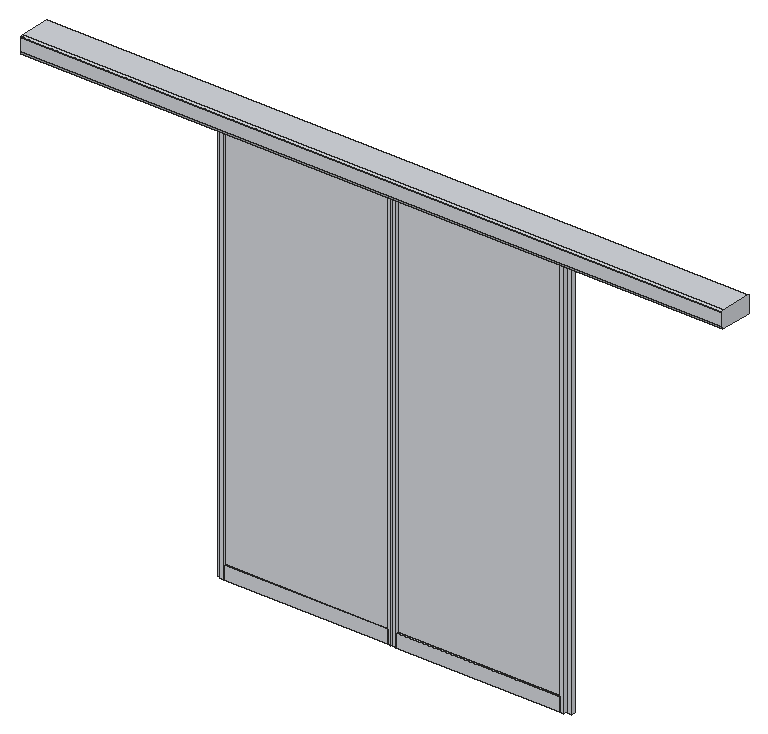
Revit family "SL510 Slim_SlimECO 2-Flg. – Sturzmontage", category Türen, Revit 2018
Family settings
  Basisbauteil = Wand
  OmniClass-Nummer = 23.30.10.00
  OmniClass-Titel = Doors
  Immer vertikal = Ja
  Beim Laden mit Abzugskörper schneiden = Nein
  Gemeinsam genutzt = Nein
  Raumberechnungspunkt = Nein
Parameters
  ohne Schutzflügel [instance] = if(or([Schutzflügel - drehbar], [Schutzflügel - drehbar + Bodenschloß], [Schutzflügel - schiebbar]), 1 = 0, 1 = 1)  # yes
  X [instance] = if(or([Schutzflügel - drehbar], [Schutzflügel - drehbar + Bodenschloß], [Schutzflügel - schiebbar]), 25 mm, 200 mm)  # 200 mm
  Warnung Abmessungen 2 [instance] = if(Durchgangslichte Höhe < 1900 mm, 1 = 1, if(Durchgangslichte Höhe > 3000 mm, 1 = 1, 1 = 0))  # no
  Warnung Abmessungen 1 [instance] = if(Durchgangslichte Breite < 975 mm, 1 = 1, if(Durchgangslichte Breite > 3000 mm, 1 = 1, 1 = 0))  # no
  Wandaufbau Pfeilseite [instance] = 0 mm
  Wandaufbau Gegenseite [instance] = 0 mm
  Schutzflügel - schiebbar [instance] = no
  Schutzflügel - drehbar + Bodenschloß [instance] = no
  Schutzflügel - drehbar [instance] = no
  Rough Height [instance] = Höhe ab FBOK + Fußbodenaufbau  # 2700 mm
  Rough Width [instance] = Width  # 2000 mm
  Rahmen [instance] = none
  PSFW [instance] = COW / 2 + 95 mm  # 1095 mm
  PSFH [instance] = COH  # 2500 mm
  Kollisionskörper = no
  IFC_Widerstandsklasse = " "  # constant formula
  IFC_Selbstschliessend [instance] = 1 = 0  # no
  IFC_Schallschutzklasse = 0  # constant formula
  IFC_Rauchschutz [instance] = 1 = 0  # no
  IFC_Notausgang [instance] = no
  IFC_Luftdurchlässigkeit = 0  # constant formula
  IFC_Glasflächenanteil = 0  # constant formula
  IFC_Behindertengerecht [instance] = no
  IFC_Beanspruchungsklasse = " "  # constant formula
  IFC_Antrieb [instance] = 1 = 1  # yes
  Höhe ab FBOK berechnen = yes
  Höhe ab FBOK [instance] = COH  # 2500 mm
  Height [instance] = if(Höhe ab FBOK berechnen, Höhe ab FBOK, Rough Height)  # 2500 mm
  Glasstärke = 8 mm
  Glas [instance] = none
  Fußbodenaufbau [instance] = 200 mm
  Freiraum [instance] = COW + ((DW + X) * 2)  # 4453 mm
  Familienversion = "1.0"  # constant formula
  Durchgangslichte Höhe [instance] = 2500 mm
  Durchgangslichte Breite [instance] = 2000 mm
  DW [instance] = COW / 2 + 26.5 mm  # 1026.5 mm
  DH [instance] = COH + 10 mm  # 2510 mm
  Wandabschluss = Nach Basisbauteil
  COW [instance] = if(Durchgangslichte Breite < 975 mm, 975 mm, if(Durchgangslichte Breite > 3000 mm, 3000 mm, Durchgangslichte Breite))  # 2000 mm
  COH [instance] = if(Durchgangslichte Höhe < 1900 mm, 1900 mm, if(Durchgangslichte Höhe > 3000 mm, 3000 mm, Durchgangslichte Höhe))  # 2500 mm
  CL [instance] = 2 * COW + 195 mm  # 4195 mm
  CH [instance] = DH + 8 mm  # 2518 mm
  Width [instance] = COW  # 2000 mm
  Antrieb [instance] = none
Reference planes
  plane 1: y = 0
  plane 2 "Mitte (Links/rechts)": x = 0
  plane 3 "Links": x = -1000
  plane 4 "Rechts": x = 1000
  plane 5: z = 2500
  plane 6 "außen": y = 75
  plane 7 "Innen": y = -75
  plane 8 "D CL": y = -107.5
  plane 9 "D Links": x = -1030
  plane 10: z = 8
  plane 11 "D Rechts": x = 1030
  plane 12 "Wandaufbau Innen": y = -75
  plane 13 "Wandaufbau Außen": y = 75
  plane 14: x = 2226.5
  plane 15: x = -2226.5
  plane 16: x = -2026.5
  plane 17: x = 2026.5
  plane 18 "Basis": z = 0
  plane 19 "OK RD": z = -200
  plane 20: x = 3.5
  plane 21: x = -3.5
Forms (mm)
  Sweep 1, solid, material <- "Rahmen", detail levels medium+fine
    path origin (0, -75, 0) x (1, 0, 0) y (0, 0, 1)
      loop
        line (-1000, 0) -> (-1000, 2500)
    profile "Rahmen_2 : Rahmen_2" origin (-1000, -75, 1250) x (-1, 0, 0) y (0, -1, 0)
      loop
        line (0, 18) -> (0, 0) -> (57.5, 0) -> (57.5, 18) -> (0, 18)
  Sweep 2, solid, material <- "Rahmen", detail levels medium+fine
    path origin (0, -75, 0) x (1, 0, 0) y (0, 0, 1)
      loop
        line (1000, 0) -> (1000, 2500)
    profile "Rahmen_2 : Rahmen_2" origin (1000, -75, 1250) x (-1, 0, 0) y (0, -1, 0)
      loop
        line (0, 18) -> (-57.5, 18) -> (-57.5, 0) -> (0, 0) -> (0, 18)
Lines and regions (mm)
  Opening 1
    outline origin (-5000, -75, 0) x (1, 0, 0) y (0, 0, 1)
      loop
        line (4000, 2500) -> (4000, -200) -> (6000, -200) -> (6000, 2500) -> (4000, 2500)
  symbolic lines, style "DoorsHiddenLines", detail levels medium+fine
    curve 1: line (-1000, -75, 0) -> (1000, -75, 0)
    curve 2: line (1000, 75, 0) -> (-1000, 75, 0)
  symbolic lines, style "DoorsHiddenLines"
    curve 3: line (1030, -117.5, 0) -> (2026.5, -117.5, 0)
    curve 4: line (2026.5, -97.5, 0) -> (1030, -97.5, 0)
    curve 5: line (2026.5, -117.5, 0) -> (2026.5, -97.5, 0)
    curve 6: line (-1030, -117.5, 0) -> (-2026.5, -117.5, 0)
    curve 7: line (-2026.5, -97.5, 0) -> (-1030, -97.5, 0)
    curve 8: line (-2026.5, -117.5, 0) -> (-2026.5, -97.5, 0)
    curve 9: line (-2226.5, -122.5, 0) -> (-2226.5, -92.5, 0)
    curve 10: line (2226.5, -122.5, 0) -> (2226.5, -92.5, 0)
Text (mm)
  text "Exterior" at (-2295.016, 1099.543, 0), in view "Ref.-Ebene"
  text "Exterior" at (0, 1615.38, 3698.081), in view "Links"
  text "Exterior" at (0, 1036.032, 3874.932), in view "Rechts"
Dimensions and locks
  equal spacing: plane 3 "Links", plane 2 "Mitte (Links/rechts)", plane 4 "Rechts"
  "Width": plane 3 "Links" to plane 4 "Rechts"
  "Höhe ab FBOK": level to plane 5
  locked: plane 6 "außen" to host wall at 0
  locked: plane 7 "Innen" to host wall
  locked: plane 12 "Wandaufbau Innen" to plane 8 "D CL" at 32.5
  locked: plane 9 "D Links" to plane 3 "Links" at 30
  locked: plane 4 "Rechts" to plane 11 "D Rechts" at 30
  "Wandaufbau Pfeilseite": plane 12 "Wandaufbau Innen" to plane 7 "Innen"
  "Wandaufbau Gegenseite": plane 13 "Wandaufbau Außen" to plane 6 "außen"
  "X": plane 15 to plane 16
  "DW": plane 16 to plane 3 "Links"
  "DW": plane 4 "Rechts" to plane 17
  "X": plane 17 to plane 14
  "Fußbodenaufbau": level to plane 19 "OK RD"
  nested 6 to nested 2 = 500 mm
  aligned and locked: plane 1 to host wall
  aligned and locked: Sweep 1 sketch curve to plane 3 "Links"
  aligned and locked: level to Sweep 1 sketch curve
  aligned and locked: plane 5 to Opening 1 sketch curve
  aligned and locked: plane 4 "Rechts" to Opening 1 sketch curve
  aligned and locked: Opening 1 sketch curve to plane 3 "Links"
  aligned and locked: Sweep 2 sketch curve to plane 4 "Rechts"
  aligned and locked: level to Sweep 2 sketch curve
  aligned and locked: nested 1 to plane 8 "D CL"
  aligned and locked: plane 8 "D CL" to nested 2
  aligned and locked: plane 5 to Sweep 2 sketch curve
  aligned and locked: plane 5 to Sweep 1 sketch curve
  aligned and locked: nested 1 to plane 11 "D Rechts"
  aligned and locked: nested 2 to plane 9 "D Links"
  aligned and locked: plane 13 "Wandaufbau Außen" to curve 2
  aligned and locked: plane 12 "Wandaufbau Innen" to curve 1
  aligned and locked: plane 3 "Links" to curve 2
  aligned and locked: plane 4 "Rechts" to curve 1
  aligned and locked: plane 3 "Links" to curve 1
  aligned and locked: plane 4 "Rechts" to nested 3
  aligned and locked: plane 12 "Wandaufbau Innen" to nested 3
  aligned and locked: plane 16 to curve 8
  aligned and locked: plane 17 to curve 5
  aligned and locked: curve 9 to plane 15
  aligned and locked: curve 10 to plane 14
  aligned and locked: nested 4 to plane 12 "Wandaufbau Innen"
  aligned and locked: plane 3 "Links" to nested 4
  aligned and locked: level to plane 18 "Basis"
  aligned and locked: plane 19 "OK RD" to Opening 1 sketch curve
  aligned and locked: plane 11 "D Rechts" to curve 3
  aligned and locked: plane 11 "D Rechts" to curve 4
  aligned and locked: plane 9 "D Links" to curve 6
  aligned and locked: plane 9 "D Links" to curve 7
  aligned and locked: nested 6 to plane 8 "D CL"
  aligned and locked: plane 12 "Wandaufbau Innen" to nested 7
  aligned and locked: nested 6 to plane 2 "Mitte (Links/rechts)"
  aligned and locked: nested 7 to plane 2 "Mitte (Links/rechts)"
  aligned and locked: nested 6 to plane 14
  aligned and locked: nested 6 to plane 15
Automatic sketch dimensions
  curve 2 to plane 4 "Rechts" = 0 mm
  plane 8 "D CL" to curve 7 = 10 mm
  plane 8 "D CL" to curve 4 = 10 mm
  curve 5 to plane 8 "D CL" = 10 mm
  curve 6 to plane 8 "D CL" = 10 mm
  plane 8 "D CL" to curve 10 = 15 mm
  plane 8 "D CL" to curve 9 = 15 mm
  curve 9 to plane 8 "D CL" = 15 mm
  curve 10 to plane 8 "D CL" = 15 mm
Nested families
  nested 1: "Flügel" at (516.75, -107.5, 0), type "Flügel"
    with Aufkleber rechte Seite yes, Aufkleber linke Seite no, DW 1026.5 mm
  nested 2: "Flügel" at (-516.75, -107.5, 0) x (-1, 0, 0) z (0, 0, 1), type "Flügel"
    with Aufkleber rechte Seite no, Aufkleber linke Seite yes, DW 1026.5 mm
  nested 3: "Sicherheitsflügel" at (1610, -54.5, 0), type "Sicherheitsflügel"
    with Schutzflügel - schiebbar no, Schutzflügel - drehbar + Bodenschloß no, Schutzflügel - drehbar no, PSFW 1095 mm, PSFH 2500 mm, Height 2513 mm
  nested 4: "Sicherheitsflügel" at (-1610, -54.5, 0) x (-1, 0, 0) z (0, 0, 1), type "Sicherheitsflügel"
    with Schutzflügel - schiebbar no, Schutzflügel - drehbar + Bodenschloß no, Schutzflügel - drehbar no, PSFW 1095 mm, PSFH 2500 mm, Height 2513 mm
  nested 5: "Warnung" at (0, -825, 0), type "Warnung"
  nested 6: "Kollisionskörper_2" at (1000, -107.5, 0), visible <- "Kollisionskörper", type "Kollisionskörper_2"
    with Height 2000 mm, built-in parameter 1001302 500 mm, Width 2226.5 mm, Schutzflügel - schiebbar no, Schutzflügel - drehbar + Bodenschloß no, Schutzflügel - drehbar no, PSFH 2500 mm, COH 2500 mm
  nested 7: "Antrieb_SL510_2_Flügel" at (0, -75, 0), type "Antrieb_SL510_2_Flügel"
    with Projektion no, Freiraum 4453 mm, CL 4195 mm, CH 2518 mm
Definition of nested family "Flügel"
  Parameters (values of type "Flügel")
    Rahmen = none
    Height = 2500 mm
    Glasstärke = 8 mm
    Glas = none
    Familienversion = "1.0"  # constant formula
    DW = 1026 mm
    DH = 2510 mm
    Aufkleber rechte Seite [instance] = yes
    Aufkleber linke Seite [instance] = yes
    Analytic Construction = "<Keine Auswahl>"
  Reference planes
    plane 1 "Mitte (Vorne/hinten)": y = 0
    plane 2: z = 0
    plane 3 "Mitte (Links/rechts)": x = 0
    plane 4 "Links": x = -513
    plane 5 "Rechts": x = 513
    plane 6 "Oben": z = 2500
    plane 7 "Pfeil": y = -110
    plane 8: z = 8
    plane 9 "D Außen": y = 10
    plane 10 "D Innen": y = -10
    plane 11 "Glas Außen": y = 6
    plane 12 "DH": z = 2518
    plane 13: x = -256.5
    plane 14 "Pfeil Außen": y = 6
  Forms (mm)
    Sweep 1, solid, material <- "Rahmen", detail levels medium+fine
      path origin (0, 0, 0) x (1, 0, 0) y (0, 0, 1)
        loop
          line (-490, 2518) -> (490, 2518)
      profile "Flügel_Oberteil : Flügel_Oberteil" origin (0, 0, 2518) x (0, 0, 1) y (0, -1, 0)
        loop
          line (0, -22.5) -> (0, 22.5) -> (-3, 22.5) -> (-3, 19.5) -> (-14, 19.5) -> (-14, 15)
          arc (-14, 15) -> (-15.464, 11.464) -> (-19, 10) r 5
          line (-19, 10) -> (-68, 10) -> (-68, -10) -> (-19, -10)
          arc (-19, -10) -> (-15.464, -11.464) -> (-14, -15) r 5
          line (-14, -15) -> (-14, -19.5) -> (-3, -19.5) -> (-3, -22.5) -> (0, -22.5)
    Sweep 2, solid, material <- "Rahmen", detail levels medium+fine
      path origin (0, 0, 0) x (1, 0, 0) y (0, 0, 1)
        loop
          line (-490, 0) -> (490, 0)
      profile "Flügel_Unterteil : Flügel_Unterteil" origin (0, 0, 0) x (0, 0, 1) y (0, -1, 0)
        loop
          line (88, -10) -> (88, 10) -> (8, 10) -> (8, -10) -> (88, -10)
    Sweep 3, solid, material <- "Rahmen", detail levels medium+fine
      path origin (0, 0, 0) x (1, 0, 0) y (0, 0, 1)
        loop
          line (-513, 8) -> (-513, 2518)
      profile "Flügel_Seitenteil : Flügel_Seitenteil" origin (-513, 0, 1263) x (-1, 0, 0) y (0, -1, 0)
        loop
          line (-23, 10) -> (-23, -10) -> (0, -10) -> (0, 10) -> (-23, 10)
    Sweep 4, solid, material <- "Rahmen", detail levels medium+fine
      path origin (0, 0, 0) x (1, 0, 0) y (0, 0, 1)
        loop
          line (513, 8) -> (513, 2518)
      profile "Flügel_Seitenteil : Flügel_Seitenteil" origin (513, 0, 1263) x (-1, 0, 0) y (0, -1, 0)
        loop
          line (23, 10) -> (0, 10) -> (0, -10) -> (23, -10) -> (23, 10)
    Extrusion 5, solid, material <- "Glas", detail levels medium+fine
      sketch origin (0, 6, 0) x (1, 0, 0) y (0, 0, 1)
        loop
          line (-490, 2450) -> (-490, 88) -> (490, 88) -> (490, 2450) -> (-490, 2450)
      from 0 to 8 <- "Glasstärke"
    Extrusion 6, solid, material <- "Rahmen", detail levels coarse
      sketch origin (0, 0, 0) x (1, 0, 0) y (0, 0, 1)
        loop
          line (-513, 8) -> (513, 8) -> (513, 2518) -> (-513, 2518) -> (-513, 8)
      from -10 to 10
  Lines and regions (mm)
    symbolic lines
      curve 1: line (-185, -110, 0) -> (65, -110, 0)
      curve 2: line (65, -142.154, 0) -> (185, -110, 0)
      curve 3: line (65, -77.846, 0) -> (65, -142.154, 0)
      curve 4: line (65, -77.846, 0) -> (185, -110, 0)
      curve 5: line (-240, -110, 1259) -> (120, -110, 1259)
      curve 6: line (120, -110, 1226.846) -> (120, -110, 1291.154)
      curve 7: line (240, -110, 1259) -> (120, -110, 1226.846)
      curve 8: line (240, -110, 1259) -> (120, -110, 1291.154)
  Dimensions and locks
    "Height": plane 6 "Oben" to level
    equal spacing: plane 5 "Rechts", plane 3 "Mitte (Links/rechts)", plane 4 "Links"
    "DW": plane 4 "Links" to plane 5 "Rechts"
    locked: Extrusion 6 sketch curve to level at 8
    locked: plane 8 to level at 8
    locked: plane 11 "Glas Außen" to plane 9 "D Außen" at 4
    "DH": plane 12 "DH" to plane 8
    plane 12 "DH" to level = 2518 mm
    equal spacing: plane 12 "DH", curve 5, level
    equal spacing: plane 4 "Links", plane 13, plane 3 "Mitte (Links/rechts)"
    aligned and locked: level to plane 2
    aligned and locked: Sweep 3 sketch curve to plane 4 "Links"
    aligned and locked: Sweep 1 to Sweep 3 sketch curve
    aligned and locked: Sweep 3 sketch curve to Sweep 2
    aligned and locked: Sweep 4 sketch curve to plane 5 "Rechts"
    aligned and locked: Sweep 4 sketch curve to Sweep 1
    aligned and locked: Sweep 2 to Sweep 4 sketch curve
    aligned and locked: Extrusion 5 sketch curve to Sweep 1
    aligned and locked: Extrusion 5 sketch curve to Sweep 2  (x2)
    aligned and locked: Extrusion 6 sketch curve to Sweep 3
    aligned and locked: Extrusion 6 sketch curve to Sweep 4  (x2)
    aligned and locked: Extrusion 6 to Sweep 3  (x2)
    aligned and locked: Sweep 3 to Extrusion 5 sketch curve
    aligned and locked: plane 9 "D Außen" to Extrusion 6
    aligned and locked: plane 10 "D Innen" to Extrusion 6
    aligned and locked: plane 12 "DH" to Sweep 1
    aligned and locked: Sweep 1 sketch curve to plane 12 "DH"
    aligned and locked: plane 14 "Pfeil Außen" to plane 11 "Glas Außen"
    aligned and locked: nested 1 to plane 14 "Pfeil Außen"
    aligned and locked: nested 2 to plane 14 "Pfeil Außen"
  Automatic sketch dimensions
    Sweep 2 sketch curve to level = 0 mm
    Sweep 2 sketch curve to plane 4 "Links" = 23 mm
    plane 5 "Rechts" to Sweep 2 sketch curve = 23 mm
    plane 5 "Rechts" to Sweep 1 sketch curve = 23 mm
    Sweep 1 sketch curve to plane 4 "Links" = 23 mm
    curve 1 to plane 7 "Pfeil" = 0 mm
    curve 2 to plane 7 "Pfeil" = 0 mm
    plane 3 "Mitte (Links/rechts)" to curve 4 = 185 mm
    curve 3 to plane 7 "Pfeil" = 32.154 mm
    plane 3 "Mitte (Links/rechts)" to curve 3 = 65 mm
    plane 7 "Pfeil" to curve 3 = 32.154 mm
    curve 1 to plane 3 "Mitte (Links/rechts)" = 185 mm
    curve 5 to plane 3 "Mitte (Links/rechts)" = 240 mm
    curve 6 to curve 5 = 32.154 mm
    curve 5 to curve 6 = 32.154 mm
    curve 7 to curve 5 = 0 mm
    plane 3 "Mitte (Links/rechts)" to curve 8 = 120 mm
    plane 3 "Mitte (Links/rechts)" to curve 8 = 240 mm
  Nested families
    nested 1: "Pfeil_Aufkleber" at (-319.498, 2, 1500) x (-1, 0, 0) z (0, 0, 1), visible <- "Aufkleber rechte Seite", type "Pfeil_Aufkleber", detail levels medium+fine
    nested 2: "Pfeil_Aufkleber" at (-319.498, 2, 1500) x (-1, 0, 0) z (0, 0, 1), visible <- "Aufkleber linke Seite", type "Pfeil_Aufkleber", detail levels medium+fine
  Definition of nested family "Pfeil_Aufkleber"
    Parameters (values of type "Pfeil_Aufkleber")
      Familienversion = "1.0"  # constant formula
      Thickness = 8 mm
      Analytic Construction = "<Keine Auswahl>"
    Reference planes
      plane 1 "Mitte (Vorne/hinten)": y = 0
      plane 2: z = 0
      plane 3 "Mitte (Links/rechts)": x = 0
      plane 4 "Innen": y = -4
      plane 5 "Außen": y = 4
    Dimensions and locks
      equal spacing: plane 5 "Außen", plane 1 "Mitte (Vorne/hinten)", plane 4 "Innen"
      "Thickness": plane 5 "Außen" to plane 4 "Innen"
      aligned and locked: level to plane 2
      aligned and locked: plane 3 "Mitte (Links/rechts)" to nested 1
      aligned and locked: nested 1 to plane 2
      aligned and locked: nested 2 to plane 3 "Mitte (Links/rechts)"
      aligned and locked: nested 2 to plane 2
    Nested families
      nested 1: "Aufkleber" at (0, -4, 0) x (1, 0, 0) z (0, -1, 0), type "Aufkleber"
        with Vorderseite yes, Rückseite no
      nested 2: "Aufkleber" at (0, 4, 0) x (-1, 0, 0) z (0, 1, 0), type "Aufkleber"
        with Vorderseite no, Rückseite yes
    Definition of nested family "Aufkleber"
      Parameters (values of type "Aufkleber")
        Default Elevation = 1219.2 mm
        Vorderseite [instance] = yes
        Rückseite [instance] = yes
        Familienversion = "1.0"  # constant formula
        Analytic Construction = "<Keine Auswahl>"
      Reference planes
        plane 1 "Mitte (Vorne/hinten)": y = 0
        plane 2: z = 0
        plane 3 "Mitte (Links/rechts)": x = 0
      Lines and regions (mm)
        model lines, visible <- "Rückseite"
          curve 1: arc (-92.642, -15.384, 0) -> (-93.502, -17.51, 0) -> (-92.628, -19.631, 0) r 3.034
          curve 2: line (-79.836, -2.384, 0) -> (-92.652, -15.374, 0)
          curve 3: arc (-74.141, -0.002, 0) -> (-77.228, -0.622, 0) -> (-79.836, -2.384, 0) r 8
          curve 4: line (-23.502, -0.002, 0) -> (-74.141, -0.002, 0)
          curve 5: arc (-20.502, -3.002, 0) -> (-21.381, -0.881, 0) -> (-23.502, -0.002, 0) r 3
          curve 6: line (-20.502, -31.998, 0) -> (-20.502, -3.002, 0)
          curve 7: arc (-23.502, -34.998, 0) -> (-21.381, -34.12, 0) -> (-20.502, -31.998, 0) r 3
          curve 8: line (-74.141, -34.998, 0) -> (-23.502, -34.998, 0)
          curve 9: arc (-79.836, -32.617, 0) -> (-77.227, -34.379, 0) -> (-74.141, -34.998, 0) r 8
          curve 10: line (-92.637, -19.641, 0) -> (-79.836, -32.617, 0)
          curve 11: line (17.507, 0, 0) -> (-11.51, 0, 0)
          curve 12: arc (-11.51, 0, 0) -> (-13.624, -0.881, 0) -> (-14.502, -2.996, 0) r 3.003
          curve 13: line (-14.502, -2.996, 0) -> (-14.502, -31.991, 0)
          curve 14: arc (-14.502, -31.991, 0) -> (-13.628, -34.115, 0) -> (-11.51, -35, 0) r 3.002
          curve 15: line (-11.51, -35, 0) -> (17.507, -35, 0)
          curve 16: arc (17.507, -35, 0) -> (19.62, -34.119, 0) -> (20.498, -32.004, 0) r 3.002
          curve 17: line (20.498, -32.004, 0) -> (20.498, -2.996, 0)
          curve 18: arc (20.498, -2.996, 0) -> (19.62, -0.881, 0) -> (17.507, 0, 0) r 3.003
          curve 19: line (49.498, 0, 0) -> (32.498, 0, 0)
          curve 20: arc (32.498, 0, 0) -> (30.377, -0.879, 0) -> (29.498, -3, 0) r 3
          curve 21: line (29.498, -3, 0) -> (29.498, -32, 0)
          curve 22: arc (29.498, -32, 0) -> (30.377, -34.121, 0) -> (32.498, -35, 0) r 3
          curve 23: line (32.498, -35, 0) -> (49.498, -35, 0)
          curve 24: arc (49.498, -35, 0) -> (51.619, -34.121, 0) -> (52.498, -32, 0) r 3
          curve 25: line (52.498, -32, 0) -> (52.498, -3, 0)
          curve 26: arc (52.498, -3, 0) -> (51.619, -0.879, 0) -> (49.498, 0, 0) r 3
          curve 27: line (64.498, -3, 0) -> (64.498, -32, 0)
          curve 28: arc (67.498, 0, 0) -> (65.377, -0.879, 0) -> (64.498, -3, 0) r 3
          curve 29: line (74.143, 0, 0) -> (67.498, 0, 0)
          curve 30: arc (79.84, -2.384, 0) -> (77.23, -0.62, 0) -> (74.143, 0, 0) r 8
          curve 31: line (92.625, -15.352, 0) -> (79.84, -2.384, 0)
          curve 32: arc (92.626, -19.627, 0) -> (93.498, -17.492, 0) -> (92.615, -15.362, 0) r 3.029
          curve 33: line (79.839, -32.616, 0) -> (92.636, -19.637, 0)
          curve 34: arc (74.142, -35, 0) -> (77.23, -34.38, 0) -> (79.839, -32.616, 0) r 8
          curve 35: line (67.498, -35, 0) -> (74.142, -35, 0)
          curve 36: arc (64.498, -32, 0) -> (65.377, -34.121, 0) -> (67.498, -35, 0) r 3
        model lines, visible <- "Vorderseite"
          curve 37: arc (-92.639, -15.386, 0) -> (-93.498, -17.509, 0) -> (-92.626, -19.627, 0) r 3.029
          curve 38: line (-79.84, -2.384, 0) -> (-92.649, -15.376, 0)
          curve 39: arc (-74.143, 0, 0) -> (-77.23, -0.62, 0) -> (-79.84, -2.384, 0) r 8
          curve 40: line (-67.498, 0, 0) -> (-74.143, 0, 0)
          curve 41: arc (-64.498, -3, 0) -> (-65.377, -0.879, 0) -> (-67.498, 0, 0) r 3
          curve 42: line (-64.498, -32, 0) -> (-64.498, -3, 0)
          curve 43: arc (-67.498, -35, 0) -> (-65.377, -34.121, 0) -> (-64.498, -32, 0) r 3
          curve 44: line (-74.142, -35, 0) -> (-67.498, -35, 0)
          curve 45: arc (-79.839, -32.616, 0) -> (-77.23, -34.38, 0) -> (-74.142, -35, 0) r 8
          curve 46: line (-92.636, -19.637, 0) -> (-79.839, -32.616, 0)
          curve 47: line (-52.498, -3, 0) -> (-52.498, -32, 0)
          curve 48: arc (-52.498, -32, 0) -> (-51.619, -34.121, 0) -> (-49.498, -35, 0) r 3
          curve 49: line (-49.498, -35, 0) -> (-32.498, -35, 0)
          curve 50: arc (-32.498, -35, 0) -> (-30.377, -34.121, 0) -> (-29.498, -32, 0) r 3
          curve 51: line (-29.498, -32, 0) -> (-29.498, -3, 0)
          curve 52: arc (-29.498, -3, 0) -> (-30.377, -0.879, 0) -> (-32.498, 0, 0) r 3
          curve 53: line (-32.498, 0, 0) -> (-49.498, 0, 0)
          curve 54: arc (-49.498, 0, 0) -> (-51.619, -0.879, 0) -> (-52.498, -3, 0) r 3
          curve 55: line (-20.498, -2.996, 0) -> (-20.498, -32.004, 0)
          curve 56: arc (-20.498, -32.004, 0) -> (-19.62, -34.119, 0) -> (-17.507, -35, 0) r 3.002
          curve 57: line (-17.507, -35, 0) -> (11.51, -35, 0)
          curve 58: arc (11.51, -35, 0) -> (13.628, -34.115, 0) -> (14.502, -31.991, 0) r 3.002
          curve 59: line (14.502, -31.991, 0) -> (14.502, -2.996, 0)
          curve 60: arc (14.502, -2.996, 0) -> (13.624, -0.881, 0) -> (11.51, 0, 0) r 3.003
          curve 61: line (11.51, 0, 0) -> (-17.507, 0, 0)
          curve 62: arc (-17.507, 0, 0) -> (-19.62, -0.881, 0) -> (-20.498, -2.996, 0) r 3.003
          curve 63: arc (92.628, -19.631, 0) -> (93.502, -17.494, 0) -> (92.619, -15.36, 0) r 3.034
          curve 64: line (92.628, -15.35, 0) -> (79.836, -2.384, 0)
          curve 65: arc (79.836, -2.384, 0) -> (77.228, -0.622, 0) -> (74.141, -0.002, 0) r 8
          curve 66: line (74.141, -0.002, 0) -> (23.502, -0.002, 0)
          curve 67: arc (23.502, -0.002, 0) -> (21.381, -0.881, 0) -> (20.502, -3.002, 0) r 3
          curve 68: line (20.502, -3.002, 0) -> (20.502, -31.998, 0)
          curve 69: arc (20.502, -31.998, 0) -> (21.381, -34.12, 0) -> (23.502, -34.998, 0) r 3
          curve 70: line (23.502, -34.998, 0) -> (74.141, -34.998, 0)
          curve 71: arc (74.141, -34.998, 0) -> (77.227, -34.379, 0) -> (79.836, -32.617, 0) r 8
          curve 72: line (79.836, -32.617, 0) -> (92.637, -19.641, 0)
      Dimensions and locks
        aligned and locked: level to plane 2
Definition of nested family "Kollisionskörper_2"
  Parameters (values of type "Kollisionskörper_2")
    ohne Schutzflügel = yes
    Schutzflügel - schiebbar = yes
    Schutzflügel - drehbar + Bodenschloß = yes
    Schutzflügel - drehbar = yes
    PSFW = 1095 mm
    PSFH = 2000 mm
    Height [instance] = 2000 mm
    Thickness [instance] = 20 mm
    COW = 2000 mm
    COH = 2000 mm
    Width [instance] = 2250 mm
  Reference planes
    plane 1 "Mitte (Vorne/hinten)": y = 0
    plane 2: z = 0
    plane 3 "Mitte (Links/rechts)": x = -1000
    plane 4: y = 10
    plane 5: y = -10
    plane 6: x = 1250
    plane 7: y = -27.5
    plane 8: y = -72
    plane 9: x = 1110
    plane 10: x = 15
    plane 11: y = 32.5
    plane 12: x = -3250
    plane 13: x = -3110
    plane 14: x = -2000
    plane 15: x = 0
    plane 16: x = -2015
  Forms (mm)
    Extrusion 1, solid
      sketch origin (653.804, 0, 0) x (1, 0, 0) y (0, 1, 0)
        loop
          line (-1653.804, 10) -> (-1653.804, -10) -> (596.196, -10) -> (596.196, 10) -> (-1653.804, 10)
      from 0 to 2000 <- "COH"
    Extrusion 2, solid, visible <- "Schutzflügel - drehbar"
      sketch origin (993.804, -18, 0) x (1, 0, 0) y (0, 1, 0)
        loop
          line (116.196, -9.5) -> (-978.804, -9.5)
          arc (-978.804, -9.5) -> (-895.452, -428.538) -> (-658.086, -783.782) r 1095
          line (-658.086, -783.782) -> (116.196, -9.5)
      from 8 to 2000 <- "PSFH"
    Extrusion 3, solid, visible <- "Schutzflügel - drehbar + Bodenschloß"
      sketch origin (993.804, -62, 0) x (1, 0, 0) y (0, 1, 0)
        loop
          line (116.196, -10) -> (-978.804, -10)
          arc (-978.804, -10) -> (-895.452, -429.038) -> (-658.086, -784.282) r 1095
          line (-658.086, -784.282) -> (116.196, -10)
      from 8 to 2000 <- "PSFH"
    Extrusion 4, solid, visible <- "ohne Schutzflügel"
      sketch origin (653.804, -42.5, 0) x (1, 0, 0) y (0, 1, 0)
        loop
          line (-3903.804, 32.5) -> (-3903.804, -467.5) -> (596.196, -467.5) -> (596.196, 32.5) -> (-3903.804, 32.5)
      from 0 to 2000 <- "COH"
    Extrusion 5, solid, visible <- "Schutzflügel - schiebbar"
      sketch origin (653.804, -42.5, 0) x (1, 0, 0) y (0, 1, 0)
        loop
          line (-1653.804, 32.5) -> (-1653.804, -29.5) -> (456.196, -29.5) -> (456.196, 32.5) -> (-1653.804, 32.5)
      from 8 to 2000 <- "PSFH"
    Extrusion 6, solid
      sketch origin (-2653.804, 0, 0) x (-1, 0, 0) y (0, -1, 0)
        loop
          line (-1653.804, -10) -> (596.196, -10) -> (596.196, 10) -> (-1653.804, 10) -> (-1653.804, -10)
      from 0 to 2000 <- "COH"
    Extrusion 7, solid, visible <- "Schutzflügel - drehbar"
      sketch origin (-2993.804, -18, 0) x (-1, 0, 0) y (0, -1, 0)
        loop
          line (-978.804, 9.5) -> (116.196, 9.5) -> (-658.086, 783.782)
          arc (-658.086, 783.782) -> (-895.452, 428.538) -> (-978.804, 9.5) r 1095
      from 8 to 2000 <- "PSFH"
    Extrusion 8, solid
      sketch origin (-2653.804, 500, 0) x (-1, 0, 0) y (0, -1, 0)
        loop
          line (-2653.804, -32.5) -> (-653.804, -32.5) -> (-653.804, 467.5) -> (-2653.804, 467.5) -> (-2653.804, -32.5)
      from 0 to 2000 <- "COH"
    Extrusion 9, solid, visible <- "Schutzflügel - drehbar + Bodenschloß"
      sketch origin (-2993.804, -62, 0) x (-1, 0, 0) y (0, -1, 0)
        loop
          line (116.196, 10) -> (-658.086, 784.282)
          arc (-658.086, 784.282) -> (-895.452, 429.038) -> (-978.804, 10) r 1095
          line (-978.804, 10) -> (116.196, 10)
      from 8 to 2000 <- "PSFH"
    Extrusion 10, solid, visible <- "Schutzflügel - drehbar + Bodenschloß"
      sketch origin (-2653.804, -42.5, 0) x (-1, 0, 0) y (0, -1, 0)
        loop
          line (-2653.804, -32.5) -> (-653.804, -32.5) -> (-653.804, 467.5) -> (-2653.804, 467.5) -> (-2653.804, -32.5)
      from 0 to 2000 <- "COH"
    Extrusion 11, solid, visible <- "Schutzflügel - schiebbar"
      sketch origin (-2653.804, -42.5, 0) x (-1, 0, 0) y (0, -1, 0)
        loop
          line (-1653.804, -32.5) -> (456.196, -32.5) -> (456.196, 29.5) -> (-1653.804, 29.5) -> (-1653.804, -32.5)
      from 8 to 2000 <- "PSFH"
    Extrusion 12, solid, visible <- "Schutzflügel - drehbar"
      sketch origin (-2653.804, -42.5, 0) x (-1, 0, 0) y (0, -1, 0)
        loop
          line (-2653.804, -32.5) -> (-653.804, -32.5) -> (-653.804, 467.5) -> (-2653.804, 467.5) -> (-2653.804, -32.5)
      from 0 to 2000 <- "COH"
    Extrusion 13, solid, visible <- "Schutzflügel - schiebbar"
      sketch origin (-2653.804, -42.5, 0) x (-1, 0, 0) y (0, -1, 0)
        loop
          line (-2653.804, 29.5) -> (-653.804, 29.5) -> (-653.804, 467.5) -> (-2653.804, 467.5) -> (-2653.804, 29.5)
      from 0 to 2000 <- "COH"
  Dimensions and locks
    equal spacing: plane 4, plane 1 "Mitte (Vorne/hinten)", plane 5
    "PSFW": Extrusion 2 sketch curve to Extrusion 2 sketch curve
    "PSFW": plane 10 to plane 9
    "PSFW": Extrusion 3 sketch curve to Extrusion 3 sketch curve
    Extrusion 4 sketch curve to Extrusion 4 sketch curve = 500 mm
    Extrusion 5 sketch curve to Extrusion 5 sketch curve = 62 mm
    Extrusion 8 sketch curve to Extrusion 8 sketch curve = 500 mm
    "PSFW": Extrusion 9 sketch curve to Extrusion 9 sketch curve
    Extrusion 10 sketch curve to Extrusion 10 sketch curve = 500 mm
    Extrusion 11 sketch curve to Extrusion 11 sketch curve = 62 mm
    locked: plane 15 to plane 10 at 15
    "COW": plane 14 to plane 15
    equal spacing: plane 14, plane 3 "Mitte (Links/rechts)", plane 15
    locked: plane 16 to plane 14 at 15
    "PSFW": plane 13 to plane 16
    "Width": plane 12 to plane 3 "Mitte (Links/rechts)"
    "Width": plane 3 "Mitte (Links/rechts)" to plane 6
    Extrusion 12 sketch curve to Extrusion 12 sketch curve = 500 mm
    Extrusion 13 sketch curve to Extrusion 13 sketch curve = 438 mm
    "PSFW": radius of Extrusion 2 sketch curve
    "PSFW": radius of Extrusion 3 sketch curve
    "PSFW": radius of Extrusion 7 sketch curve
    "PSFW": radius of Extrusion 9 sketch curve
    angle Extrusion 2 sketch curve to Extrusion 2 sketch curve = 45.00°
    angle Extrusion 3 sketch curve to Extrusion 3 sketch curve = 45.00°
    locked: Extrusion 7 sketch curve to Extrusion 7 sketch curve (angle 45.00°)
    angle Extrusion 9 sketch curve to Extrusion 11 = 45.00°
    aligned and locked: level to plane 2
    aligned and locked: plane 7 to Extrusion 2 sketch curve  (x2)
    aligned and locked: plane 9 to Extrusion 2 sketch curve
    aligned and locked: plane 10 to Extrusion 2 sketch curve
    aligned and locked: plane 9 to Extrusion 3 sketch curve
    aligned and locked: plane 10 to Extrusion 3 sketch curve
    aligned and locked: Extrusion 4 sketch curve to plane 5
    aligned and locked: plane 6 to Extrusion 1 sketch curve
    aligned and locked: Extrusion 1 sketch curve to plane 4
    aligned and locked: plane 5 to Extrusion 1 sketch curve
    aligned and locked: plane 6 to Extrusion 4 sketch curve
    aligned and locked: Extrusion 5 sketch curve to plane 5
    aligned and locked: Extrusion 6 sketch curve to plane 12
    aligned and locked: plane 14 to Extrusion 8 sketch curve
    aligned and locked: plane 14 to Extrusion 10 sketch curve
    aligned and locked: Extrusion 5 to plane 8
    aligned and locked: Extrusion 11 to plane 8
    aligned and locked: plane 8 to Extrusion 9 sketch curve
    aligned and locked: plane 13 to Extrusion 9 sketch curve
    aligned and locked: plane 7 to Extrusion 7 sketch curve
    aligned and locked: Extrusion 7 sketch curve to plane 7
    aligned and locked: plane 13 to Extrusion 7 sketch curve
    aligned and locked: Extrusion 8 to plane 15
    aligned and locked: Extrusion 10 to plane 15
    aligned and locked: Extrusion 6 to Extrusion 4
    aligned and locked: Extrusion 8 to Extrusion 10
    aligned and locked: Extrusion 10 to Extrusion 8
    aligned and locked: Extrusion 4 to Extrusion 12
    aligned and locked: Extrusion 12 to Extrusion 8
    aligned and locked: Extrusion 8 to Extrusion 12
    aligned and locked: plane 8 to Extrusion 13
    aligned and locked: Extrusion 13 to Extrusion 8
    aligned and locked: Extrusion 8 to Extrusion 13
    aligned and locked: Extrusion 4 to Extrusion 13
    aligned and locked: Extrusion 11 sketch curve to plane 13
    aligned and locked: plane 9 to Extrusion 5 sketch curve
    aligned and locked: Extrusion 6 to level
    aligned and locked: Extrusion 1 to level
  Automatic sketch dimensions
    Extrusion 6 sketch curve to plane 5 = 0 mm
    Extrusion 6 sketch curve to plane 4 = 0 mm
    Extrusion 8 sketch curve to plane 11 = 0 mm
    Extrusion 10 sketch curve to plane 5 = 0 mm
    Extrusion 11 sketch curve to plane 5 = 0 mm
    Extrusion 3 sketch curve to plane 8 = 0 mm
    Extrusion 1 sketch curve to plane 3 "Mitte (Links/rechts)" = 0 mm
    plane 3 "Mitte (Links/rechts)" to Extrusion 4 sketch curve = 2250 mm
    Extrusion 5 sketch curve to plane 3 "Mitte (Links/rechts)" = 0 mm
    Extrusion 6 sketch curve to plane 3 "Mitte (Links/rechts)" = 0 mm
    plane 3 "Mitte (Links/rechts)" to Extrusion 8 sketch curve = 1000 mm
    plane 3 "Mitte (Links/rechts)" to Extrusion 10 sketch curve = 1000 mm
    Extrusion 11 sketch curve to plane 3 "Mitte (Links/rechts)" = 0 mm
    Extrusion 7 sketch curve to plane 13 = 0 mm
    Extrusion 12 sketch curve to plane 15 = 0 mm
    Extrusion 12 sketch curve to plane 14 = 0 mm
    Extrusion 12 sketch curve to plane 5 = 0 mm
    Extrusion 13 sketch curve to plane 15 = 0 mm
    Extrusion 13 sketch curve to plane 14 = 0 mm
    plane 5 to Extrusion 13 sketch curve = 62 mm
Definition of nested family "Antrieb_SL510_2_Flügel"
  Parameters (values of type "Antrieb_SL510_2_Flügel")
    ohne Schutzflügel = yes
    Projektion [instance] = if(ohne Schutzflügel, 1 = 0, 1 = 1)  # no
    Freiraum = 4000 mm
    Familienversion = "1.0"  # constant formula
    CL = 3600 mm
    CH = 2125.095 mm
    Width = 8120 mm
    Antrieb = none
  Reference planes
    plane 1 "Mitte (Vorne/hinten)": y = 0
    plane 2: z = 0
    plane 3 "Mitte (Links/rechts)": x = 0
    plane 4 "Links": x = -1800
    plane 5 "Rechts": x = 1800
    plane 6: y = -198
    plane 7 "CH": z = 2125.095
    plane 8: z = 2212.559
    plane 9: y = -276
    plane 10: z = 2089.559
    plane 11: y = -276
    plane 12: y = -542.5
    plane 13: x = -2000
    plane 14: x = 2000
  Forms (mm)
    Sweep 1, solid, material <- "Antrieb", detail levels medium+fine
      path origin (0, 0, 2125.095) x (0, 1, 0) y (-1, 0, 0)
        loop
          line (0, 1798) -> (0, -1798)
      profile "SL510 : SL510" origin (0, 0, 2125.095) x (0, 1, 0) y (0, 0, 1)
        loop
          line (0, 85.95) -> (-2.514, 88.45) -> (-181.354, 87.464) -> (-195.4, 85.46) -> (-195.4, 81.902) -> (-197.88, 77.845) -> (-197.88, 1.901) -> (-190.917, -12) -> (-74.88, -12) -> (-74.88, 26.397) -> (0, 26.397) -> (0, 85.95)
    Extrusion 2, solid, material <- "Antrieb", detail levels medium+fine
      sketch origin (-1800, 0, 0) x (0, -1, 0) y (0, 0, 1)
        loop
          line (195.4, 2210.555) -> (181.354, 2212.559) -> (2.514, 2213.545) -> (0, 2211.045) -> (0, 2113.095) -> (190.917, 2113.095) -> (197.88, 2126.996) -> (197.88, 2202.94) -> (195.4, 2206.997) -> (195.4, 2210.555)
      from 0 to -2
    Extrusion 3, solid, material <- "Antrieb", detail levels medium+fine
      sketch origin (1800, 0, 0) x (0, -1, 0) y (0, 0, 1)
        loop
          line (181.354, 2212.559) -> (2.514, 2213.545) -> (0, 2211.045) -> (0, 2113.095) -> (190.917, 2113.095) -> (197.88, 2126.996) -> (197.88, 2202.94) -> (195.4, 2206.997) -> (195.4, 2210.555) -> (181.354, 2212.559)
      from 0 to 2
    Sweep 4, solid, material <- "Antrieb", detail levels coarse
      path origin (0, 0, 2125.095) x (0, 1, 0) y (-1, 0, 0)
        loop
          line (0, 1800) -> (0, -1800)
      profile origin (0, 0, 2125.095) x (0, 1, 0) y (0, 0, 1)
        loop
          line (0, 88.464) -> (-197.88, 87.373) -> (-197.88, -12) -> (0, -12) -> (0, 88.464)
    Extrusion 5, void
      sketch origin (-1800, 0, 2113.095) x (-1, 0, 0) y (0, -1, 0)
        loop
          line (-2, 74.88) -> (-3598, 74.88) -> (-3598, 0) -> (-2, 0) -> (-2, 74.88)
      from 0 to 38.397
  Cuts and joins
    Extrusion 5 cuts Sweep 1
    Extrusion 5 cuts Extrusion 2
    Extrusion 5 cuts Extrusion 3
    joined: Sweep 1, Extrusion 2, Extrusion 3
    Extrusion 5 cuts Sweep 4
  Lines and regions (mm)
    symbolic lines, visible <- "Projektion"
      curve 1: line (-1800, 0, 2125.095) -> (-1800, -276, 2125.095)
      curve 2: line (-1800, -276, 2125.095) -> (1800, -276, 2125.095)
      curve 3: line (1800, -276, 2125.095) -> (1800, 0, 2125.095)
    model lines, not visible
      curve 4: line (0, 0, 2125.095) -> (0, 0, 0)
    symbolic lines, detail levels medium+fine
      curve 5: line (0, -198, 2212.559) -> (0, -262.099, 2212.559)
      curve 6: line (0, -262.099, 2212.559) -> (0, -276, 2205.596)
      curve 7: line (0, -276, 2205.596) -> (0, -276, 2089.559)
    symbolic lines, detail levels coarse
      curve 8: line (0, -198, 2212.559) -> (0, -276, 2212.559)
      curve 9: line (0, -276, 2212.559) -> (0, -276, 2089.559)
    symbolic lines, visible <- "ohne Schutzflügel"
      curve 10: line (-2000, 0, 2125.095) -> (-2000, -542.5, 2125.095)
      curve 11: line (-2000, -542.5, 2125.095) -> (2000, -542.5, 2125.095)
      curve 12: line (2000, -542.5, 2125.095) -> (2000, 0, 2125.095)
  Dimensions and locks
    equal spacing: plane 4 "Links", plane 3 "Mitte (Links/rechts)", plane 5 "Rechts"
    "CL": plane 4 "Links" to plane 5 "Rechts"
    plane 1 "Mitte (Vorne/hinten)" to plane 6 = 198 mm
    "CH": plane 7 "CH" to level
    locked: plane 6 to plane 9 at 78
    locked: plane 8 to plane 7 "CH" at 87.464
    locked: plane 8 to plane 10 at 123
    plane 6 to plane 11 = 78 mm
    plane 12 to plane 1 "Mitte (Vorne/hinten)" = 542.5 mm
    "Freiraum": plane 13 to plane 14
    equal spacing: plane 13, plane 3 "Mitte (Links/rechts)", plane 14
    aligned and locked: level to plane 2
    aligned and locked: Extrusion 2 to Sweep 1 sketch curve
    aligned and locked: Sweep 1 sketch curve to Extrusion 3
    aligned and locked: plane 1 "Mitte (Vorne/hinten)" to Sweep 4 sketch curve
    aligned and locked: plane 4 "Links" to Sweep 4 sketch curve
    aligned and locked: plane 5 "Rechts" to Sweep 4 sketch curve
    aligned and locked: plane 1 "Mitte (Vorne/hinten)" to curve 1
    aligned and locked: plane 1 "Mitte (Vorne/hinten)" to curve 3
    aligned and locked: curve 5 to plane 8
    aligned and locked: curve 7 to plane 9
    aligned and locked: plane 10 to curve 7
    aligned and locked: plane 6 to curve 5
    aligned and locked: curve 2 to plane 11
    aligned and locked: curve 8 to plane 8
    aligned and locked: plane 6 to curve 8
    aligned and locked: plane 10 to curve 9
    aligned and locked: plane 11 to curve 9
    aligned and locked: Extrusion 5 to Sweep 1
    aligned and locked: curve 11 to plane 12
    aligned and locked: curve 12 to plane 14
    aligned and locked: plane 1 "Mitte (Vorne/hinten)" to curve 12
    aligned and locked: plane 1 "Mitte (Vorne/hinten)" to curve 10
    aligned and locked: plane 13 to curve 10
  Automatic sketch dimensions
    plane 1 "Mitte (Vorne/hinten)" to Sweep 1 sketch curve = 0 mm
    Sweep 4 sketch curve to profile plane = 0 mm
    profile plane to Sweep 4 sketch curve = 87.373 mm
    Sweep 4 sketch curve to Sweep 4 sketch curve = 197.88 mm
    Sweep 4 sketch curve to profile plane = 12 mm
    profile plane to Sweep 4 sketch curve = 88.464 mm
    curve 4 to level = 0 mm
    curve 4 to plane 3 "Mitte (Links/rechts)" = 0 mm
    curve 4 to plane 7 "CH" = 0 mm
    plane 6 to Extrusion 2 sketch curve = 2.6 mm
    Extrusion 3 sketch curve to plane 1 "Mitte (Vorne/hinten)" = 0 mm
    plane 1 "Mitte (Vorne/hinten)" to Extrusion 3 sketch curve = 2.514 mm
    plane 6 to Extrusion 3 sketch curve = 16.646 mm
    plane 6 to Extrusion 3 sketch curve = 7.083 mm
    plane 6 to Extrusion 3 sketch curve = 2.6 mm
    plane 6 to Extrusion 3 sketch curve = 0.12 mm
    Extrusion 3 sketch curve to plane 7 "CH" = 12 mm
    plane 7 "CH" to Extrusion 3 sketch curve = 1.901 mm
    Extrusion 3 sketch curve to Extrusion 3 sketch curve = 75.944 mm
    Extrusion 3 sketch curve to Extrusion 3 sketch curve = 4.056 mm
    Extrusion 3 sketch curve to Extrusion 3 sketch curve = 3.559 mm
    plane 7 "CH" to Extrusion 3 sketch curve = 85.95 mm
    Extrusion 3 sketch curve to Extrusion 3 sketch curve = 2.004 mm
    Extrusion 3 sketch curve to Extrusion 3 sketch curve = 2.5 mm
    Extrusion 2 sketch curve to plane 1 "Mitte (Vorne/hinten)" = 0 mm
    plane 1 "Mitte (Vorne/hinten)" to Extrusion 2 sketch curve = 2.514 mm
    Extrusion 2 sketch curve to Extrusion 2 sketch curve = 14.046 mm
    plane 6 to Extrusion 2 sketch curve = 7.083 mm
    plane 6 to Extrusion 2 sketch curve = 0.12 mm
    Extrusion 2 sketch curve to plane 7 "CH" = 12 mm
    plane 7 "CH" to Extrusion 2 sketch curve = 1.901 mm
    Extrusion 2 sketch curve to Extrusion 2 sketch curve = 75.944 mm
    Extrusion 2 sketch curve to Extrusion 2 sketch curve = 4.056 mm
    Extrusion 2 sketch curve to Extrusion 2 sketch curve = 3.559 mm
    plane 7 "CH" to Extrusion 2 sketch curve = 85.95 mm
    Extrusion 2 sketch curve to Extrusion 2 sketch curve = 2.004 mm
    Extrusion 2 sketch curve to Extrusion 2 sketch curve = 2.5 mm
    curve 6 to plane 9 = 13.901 mm
    curve 6 to plane 8 = 6.963 mm
    Extrusion 5 sketch curve to Sweep 4 = 0 mm
    Extrusion 5 sketch curve to Sweep 4 = 2 mm  (x2)
    Extrusion 5 sketch curve to Sweep 4 = 74.88 mm
    curve 1 to plane 4 "Links" = 0 mm
    curve 3 to plane 5 "Rechts" = 0 mm
Definition of nested family "Sicherheitsflügel"
  Parameters (values of type "Sicherheitsflügel")
    Schutzflügel - schiebbar = yes
    Schutzflügel - drehbar + Bodenschloß = yes
    Schutzflügel - drehbar = yes
    Rahmen = none
    PSFW = 1000 mm
    PSFH = 2508 mm
    Height = 2000 mm
    Glas = none
    Familienversion = "1.0"  # constant formula
    Width = 2290 mm
  Reference planes
    plane 1 "Mitte (Vorne/hinten)": y = -20.5
    plane 2: z = 0
    plane 3 "Mitte (Links/rechts)": x = 0
    plane 4 "Links": x = -500
    plane 5 "Rechts": x = 500
    plane 6 "Oben": z = 2508
    plane 7: z = 8
    plane 8: y = -80.5
    plane 9: y = -70.5
    plane 10: y = -124.5
    plane 11: y = -114.5
    plane 12 "COW": x = -515
    plane 13: y = -110.5
    plane 14: y = -90.5
  Forms (mm)
    Extrusion 1, solid, material <- "Glas", visible <- "Schutzflügel - drehbar"
      sketch origin (0, 0, 0) x (1, 0, 0) y (0, 1, 0)
        loop
          line (-500, -70.5) -> (-500, -80.5) -> (500, -80.5) -> (500, -70.5) -> (-500, -70.5)
      from 8 to 2508 <- "PSFH"
    Extrusion 2, solid, material <- "Glas", visible <- "Schutzflügel - drehbar + Bodenschloß"
      sketch origin (0, -44, 0) x (1, 0, 0) y (0, 1, 0)
        loop
          line (-500, -70.5) -> (-500, -80.5) -> (500, -80.5) -> (500, -70.5) -> (-488, -70.5) -> (-488, -26.5) -> (-498, -26.5) -> (-498, -70.5) -> (-500, -70.5)
      from 8 to 2508 <- "PSFH"
    Extrusion 3, solid, material <- "Glas", visible <- "Schutzflügel - schiebbar"
      sketch origin (0, -20, 0) x (1, 0, 0) y (0, 1, 0)
        loop
          line (-500, -70.5) -> (-500, -90.5) -> (500, -90.5) -> (500, -70.5) -> (-500, -70.5)
      from 8 to 2508 <- "PSFH"
  Lines and regions (mm)
    symbolic lines, visible <- "Schutzflügel - drehbar + Bodenschloß"
      curve 1: arc (-500, -124.5, 0) -> (-423.88, -507.183, 0) -> (-207.107, -831.607, 0) r 1000
      curve 2: line (-207.107, -831.607, 0) -> (500, -124.5, 0)
    symbolic lines, visible <- "Schutzflügel - drehbar"
      curve 3: arc (-500, -80.5, 0) -> (-423.88, -463.183, 0) -> (-207.107, -787.607, 0) r 1000
      curve 4: line (-207.107, -787.607, 0) -> (500, -80.5, 0)
  Dimensions and locks
    equal spacing: plane 5 "Rechts", plane 3 "Mitte (Links/rechts)", plane 4 "Links"
    "PSFW": plane 4 "Links" to plane 5 "Rechts"
    locked: plane 7 to level at 8
    locked: plane 12 "COW" to plane 4 "Links" at 15
    "PSFH": plane 6 "Oben" to level
    "PSFW": curve 4 to curve 4
    "PSFW": curve 2 to curve 2
    "PSFW": radius of curve 3
    "PSFW": radius of curve 1
    locked: Extrusion 2 to curve 2 (angle 45.00°)
    angle Extrusion 1 to curve 4 = 45.00°
    aligned and locked: level to plane 2
    aligned and locked: Extrusion 1 sketch curve to plane 9
    aligned and locked: plane 5 "Rechts" to Extrusion 1 sketch curve
    aligned and locked: plane 8 to Extrusion 1 sketch curve
    aligned and locked: Extrusion 1 sketch curve to plane 4 "Links"
    aligned and locked: Extrusion 1 to plane 7
    aligned and locked: plane 6 "Oben" to Extrusion 1
    aligned and locked: Extrusion 2 sketch curve to plane 11
    aligned and locked: plane 10 to Extrusion 2 sketch curve
    aligned and locked: Extrusion 3 sketch curve to plane 14
    aligned and locked: plane 13 to Extrusion 3 sketch curve
    aligned and locked: plane 6 "Oben" to Extrusion 2
    aligned and locked: Extrusion 2 to plane 7
    aligned and locked: Extrusion 2 to Extrusion 1  (x2)
    aligned and locked: plane 5 "Rechts" to curve 4
    aligned and locked: plane 8 to curve 4
    aligned and locked: plane 5 "Rechts" to curve 2
    aligned and locked: plane 10 to curve 2
    aligned and locked: curve 3 to Extrusion 1
    aligned and locked: plane 4 "Links" to curve 3
    aligned and locked: curve 1 to Extrusion 2
    aligned and locked: plane 4 "Links" to curve 1
  Automatic sketch dimensions
    Extrusion 3 sketch curve to plane 4 "Links" = 0 mm
    Extrusion 3 sketch curve to plane 5 "Rechts" = 0 mm
    Extrusion 2 sketch curve to plane 4 "Links" = 0 mm
    Extrusion 2 sketch curve to plane 9 = 0 mm
    Extrusion 2 sketch curve to plane 5 "Rechts" = 0 mm
    Extrusion 2 sketch curve to plane 4 "Links" = 2 mm
    Extrusion 2 sketch curve to Extrusion 2 sketch curve = 10 mm
    Extrusion 2 sketch curve to plane 11 = 0 mm
    curve 4 to curve 2 = 0 mm
Definition of nested family "Warnung"
  Parameters (values of type "Warnung")
    Warnung Symbol = if(or(Warnung Abmessungen 1, Warnung Abmessungen 2, Warnung Abmessungen 3, Warnung Abmessungen 4), 1 = 1, 1 = 0)  # no
    Warnung Abmessungen 4 = no
    Warnung Abmessungen 3 = no
    Warnung Abmessungen 2 = no
    Warnung Abmessungen 1 = no
    Familienversion = "1.0"  # constant formula
  Reference planes
    plane 1: y = 0
    plane 2: x = 0
  Lines and regions (mm)
    Masking region 1, visible <- "Warnung Symbol"
      outline origin (0, 0, 0) x (1, 0, 0) y (0, 1, 0)
        loop
          line (5, 0) -> (0, 10) -> (-5, 0) -> (5, 0)
        loop
          line (-0.937, 6.25) -> (0, 3.333) -> (0.937, 6.25) -> (-0.937, 6.25)
        loop
          circle (0, 1.667) r 0.937
  Text (mm)
    text "Max./Min. Breite nicht eingehalten" at (0.044, -2.174, 0), visible <- "Warnung Abmessungen 1"
    text "Max./Min. Höhe nicht eingehalten" at (0.044, -4.174, 0), visible <- "Warnung Abmessungen 2"
    text "Max./Min. Breite Seitenteil nicht eingehalten" at (0.044, -6.174, 0), visible <- "Warnung Abmessungen 3"
    text "Max./Min. Höhe OL nicht eingehalten" at (0.044, -8.174, 0), visible <- "Warnung Abmessungen 4"
